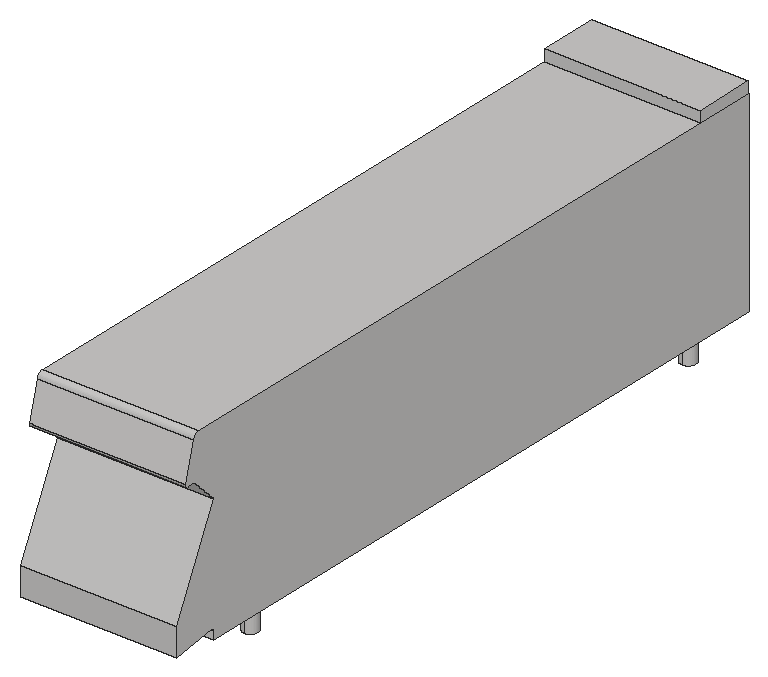
Revit family "QF_ZANUSSI_392156_Z9WTNBN000", category Specialty Equipment, Revit 2018
Family settings
  Round Connector Dimension = Use Diameter
  Part Type = Normal
  Work Plane-Based = No
  Always vertical = Yes
  Cut with Voids When Loaded = No
  Shared = No
  Room Calculation Point = No
Parameters
  Width = 200 mm  # constant formula
  Weight in Pounds = 13
  Weight = 0.00 kg
  Watts = 0 W
  Volts = 0 V
  URL Manufacturer = "http://www.zanussiprofessional.com"
  URL Cutsheet = "www.electrolux.com"
  URL = "http://www.zanussiprofessional.com"
  Type Mark [instance] = ""
  Steam Supply Size = 0"
  Steam Supply Minimum Pressure = 0.00 psi
  Steam Supply Maximum Pressure = 0.00 psi
  Steam Pounds per Hour = 0
  Status [instance] = ""
  Specification by User [instance] = ""
  Specification by Manufacturer = ""
  Show Logo [instance] = yes
  Serial Number = ""
  Seismic Rating = ""
  SMACNA No = ""
  Revision Code [instance] = ""
  Refrigeration Suction Line Size = 0"
  Refrigeration Liquid Line Size = 0"
  Refrigerant Compressor Remote = yes
  Phase = 0
  Omniclass Number and Title = ""
  NAFEM Spec ID Number = ""
  Model = "Z9WTNBN000"
  Masterspec = ""
  Manufacturer = "Zanussi"
  Length Actual = 200 mm  # constant formula
  Item Number [instance] = "392156"
  Installed By [instance] = ""
  Identify Quantity as Lot [instance] = yes
  Hot Water Size = 0"
  Height Actual = 250 mm  # constant formula
  Height = 289 mm  # constant formula
  HP = "0 HP"
  Gas Size = 0"
  Gas KW = 0
  Gas Input Pressure = 0.0 Btu/h
  Furnished By [instance] = ""
  Foodservice Equipment Identifier [instance] = yes
  Direct Waste Size = 0"
  Description = "WORKTOP 200 MM"
  Depth Actual = 900 mm  # constant formula
  Depth = 915 mm  # constant formula
  Cycle = 0 Hz
  Condensate Return Size = 0"
  Compressed Air Volume = 0 GPM
  Compressed Air Size = 0"
  Compressed Air Pressure = 0.00 psi
  Cold Water Size = 0"
  CSI MasterFormat = ""
  CSI Master Format = ""
  Base Height = 24 mm  # constant formula
  Accessory = yes
Reference planes
  plane 1 "BACK": y = 0
  plane 2: z = 0
  plane 3 "LEFT": x = 0
  plane 4 "RIGHT": x = 200
  plane 5 "FRONT": y = -915
  plane 6 "TOP": z = 274.638
  plane 7 "Center Y": x = 100
  plane 8 "Center X": y = -457.5
  plane 9: z = 24
  plane 10: z = 289
  plane 11: y = -82
  plane 12: y = -790
Forms (mm)
  Extrusion 1, solid, material "QF_Finishes_Stainless Steel"
    sketch origin (0, 0, 0) x (0, 1, 0) y (0, 0, 1)
      loop
        line (0, 24) -> (0, 274) -> (-879.358, 274)
        arc (-879.358, 274) -> (-884.643, 271.811) -> (-886.833, 266.526) r 7.474
        line (-886.833, 266.526) -> (-899.884, 221.011)
        arc (-899.884, 221.011) -> (-899.396, 218.379) -> (-897, 217.184) r 3
        line (-897, 217.184) -> (-886.802, 217.184) -> (-854.982, 185.364) -> (-915, 64.508) -> (-915, 29.508) -> (-858.645, 37.428)
        arc (-858.645, 37.428) -> (-856.101, 36.674) -> (-855, 34.259) r 3.2
        line (-855, 34.259) -> (-855, 24) -> (0, 24)
    from 0 to 200
  Extrusion 2, solid, material "QF_Finishes_Stainless Steel"
    sketch origin (0, -199.871, 0) x (1, 0, 0) y (0, 1, 0)
      loop
        circle (11.112, 117.871) r 9.525
      loop
        circle (188.888, 117.871) r 9.525
      loop
        circle (11.112, -582.629) r 9.525
      loop
        circle (188.888, -582.629) r 9.525
    from 0 to 23.812
  Extrusion 3, solid, material "QF_Finishes_Stainless Steel"
    sketch origin (0, -199.871, 0) x (0, 1, 0) y (0, 0, 1)
      loop
        line (199.871, 274.638) -> (199.871, 289) -> (123.671, 289) -> (123.671, 274.638) -> (199.871, 274.638)
    from 0 to 200
Lines and regions (mm)
  symbolic lines
    curve 1: line (0, -915, 0) -> (200, -915, 0)
    curve 2: line (0, 0, 0) -> (0, -915, 0)
    curve 3: line (200, 0, 0) -> (0, 0, 0)
    curve 4: line (200, -915, 0) -> (200, 0, 0)
    curve 5: line (0, -76.2, 0) -> (200, -76.2, 0)
    curve 6: line (0, -908.65, 0) -> (200, -908.65, 0)
Dimensions and locks
  equal spacing: plane 3 "LEFT", plane 7 "Center Y", plane 4 "RIGHT"
  "Width": plane 3 "LEFT" to plane 4 "RIGHT"
  equal spacing: plane 5 "FRONT", plane 8 "Center X", plane 1 "BACK"
  "Depth": plane 5 "FRONT" to plane 1 "BACK"
  "Height": plane 10 to level
  "Base Height": plane 9 to level
  plane 9 to plane 2 = 24 mm
  plane 11 to plane 1 "BACK" = 82 mm
  plane 12 to plane 11 = 708 mm
  aligned and locked: level to plane 2
Automatic sketch dimensions
  curve 5 to plane 3 "LEFT" = 0 mm
  plane 1 "BACK" to curve 2 = 0 mm
  curve 6 to plane 4 "RIGHT" = 0 mm
  curve 5 to curve 3 = 76.2 mm
  curve 6 to plane 5 "FRONT" = 6.35 mm
  curve 2 to curve 6 = 6.35 mm
  Extrusion 2 sketch curve to Extrusion 2 sketch curve = 0 mm  (x8)
  plane 3 "LEFT" to Extrusion 2 sketch curve = 11.112 mm  (x2)
  Extrusion 2 sketch curve to plane 4 "RIGHT" = 11.112 mm  (x2)
  Extrusion 2 sketch curve to plane 8 "Center X" = 334.525 mm  (x2)
  Extrusion 2 sketch curve to Extrusion 2 sketch curve = 9.525 mm  (x4)
  plane 1 "BACK" to Extrusion 2 sketch curve = 91.525 mm  (x2)
  Extrusion 3 sketch curve to plane 6 "TOP" = 0 mm
  plane 1 "BACK" to Extrusion 3 sketch curve = 0 mm
  Extrusion 3 sketch curve to plane 10 = 0 mm
  plane 1 "BACK" to Extrusion 3 sketch curve = 76.2 mm
  Extrusion 1 sketch curve to plane 9 = 0 mm
  plane 9 to Extrusion 1 sketch curve = 5.508 mm
  plane 5 "FRONT" to Extrusion 1 sketch curve = 0 mm
  Extrusion 1 sketch curve to plane 6 "TOP" = 53.627 mm
  Extrusion 1 sketch curve to Extrusion 1 sketch curve = 15.116 mm
  Extrusion 1 sketch curve to Extrusion 1 sketch curve = 2.884 mm
  Extrusion 1 sketch curve to plane 6 "TOP" = 8.112 mm
  Extrusion 1 sketch curve to Extrusion 1 sketch curve = 13.051 mm
  Extrusion 1 sketch curve to Extrusion 1 sketch curve = 10.198 mm
  Extrusion 1 sketch curve to Extrusion 1 sketch curve = 7.474 mm
  plane 9 to Extrusion 1 sketch curve = 13.428 mm
  Extrusion 1 sketch curve to Extrusion 1 sketch curve = 56.355 mm
  Extrusion 1 sketch curve to Extrusion 1 sketch curve = 0.445 mm
  Extrusion 1 sketch curve to Extrusion 1 sketch curve = 3.2 mm
  Extrusion 1 sketch curve to plane 6 "TOP" = 89.273 mm
  Extrusion 1 sketch curve to Extrusion 1 sketch curve = 31.82 mm
  plane 8 "Center X" to Extrusion 1 sketch curve = 457.5 mm
  Extrusion 1 sketch curve to Extrusion 1 sketch curve = 35 mm
  Extrusion 1 sketch curve to Extrusion 1 sketch curve = 3.827 mm
